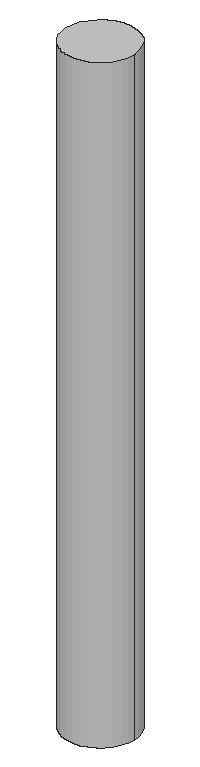
Revit family
Parameters (values of type "12"")
  Column Material [instance] = Concrete - Cast-in-Place Concrete
  Assembly Code = "B10"
  b = 1' - 0"
Types (5): name | b
  (no name) | 1' - 0"
  12" | 1' - 0"
  18" | 1' - 6"
  24" | 2' - 0"
  30" | 2' - 6"
Reference planes (in)
  plane 1 "Center (Front/Back)": y = 0
  plane 2: z = 0
  plane 3 "Center (Left/Right)": x = 0
  plane 4: x = -6
  plane 5: x = 6
  plane 6: y = 6
  plane 7: y = -6
Forms (in)
  Extrusion 1, solid, material "Concrete - Cast-in-Place Concrete" <- "Column Material"
    sketch origin (0, 0, 0) x (1, 0, 0) y (0, 1, 0)
      loop
        circle (0, 0) r 6
    from 0 to 108
Dimensions and locks (in)
  equal spacing: plane 4, plane 3 "Center (Left/Right)", plane 5
  equal spacing: plane 7, plane 1 "Center (Front/Back)", plane 6
  "b": plane 7 to plane 6
  "b": plane 4 to plane 5
  aligned and locked: level to Extrusion 1
  aligned and locked: level to plane 2
  aligned and locked: Extrusion 1 to plane 2
Automatic sketch dimensions
  Extrusion 1 sketch curve to plane 1 "Center (Front/Back)" = 0' - 0"
  Extrusion 1 sketch curve to plane 4 = 0' - 0"
  Extrusion 1 sketch curve to plane 3 "Center (Left/Right)" = 0' - 0"
